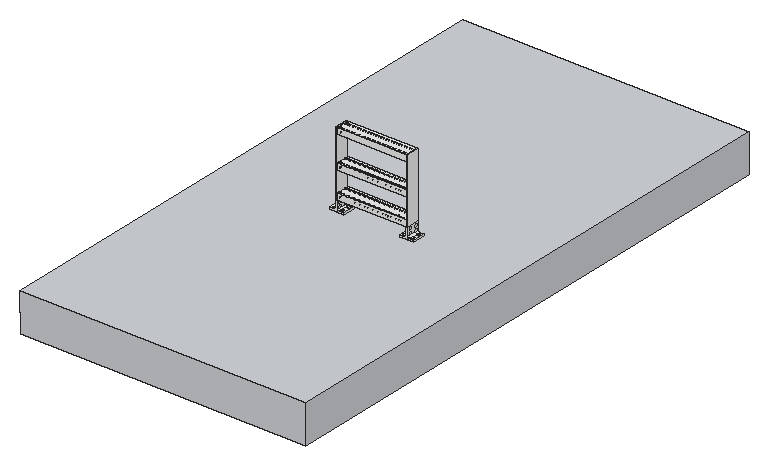
Revit family
Parameters (values of type "24" Projection")
  Warranty = "http://www.alllite-louvers.com/catalog/All-Lite-Warranty.pdf"
  URL = "http://www.alllite-louvers.com"
  Support Height = Projection - 5" + 1 1/32"  # 20 1/32"
  Strut/Shroud = Extruded Aluminum
  Strut = no
  Specifications = "http://www.alllite-louvers.com/catalog/ssr-445-csi-specification.doc"
  SmartBIM Object Version = 3  # constant formula
  SmartBIM Object Created By = "Reed Construction Data"  # constant formula
  Shroud = no
  Projection = 24"
  Product URL = "http://www.alllite-louvers.com/catalog.php?model=SSR-445"
  Outrigger Spacing = 24"
  Outrigger Material = Extruded Aluminum
  Outrigger = "4” high x 0.250” thick plate with flat front."  # constant formula
  Mounting Bracket = "Exposed."  # constant formula
  Model Number = "SSR-445"  # constant formula
  Model = ""
  Minimum Size = "12\""
  Maximum Size - Single Section = "96\""
  Maximum Size - Multiple Section = "Unlimited"  # constant formula
  Material = "Mill finish 6063-T5 extruded aluminum."  # constant formula
  Manufacturer = "All-Lite"  # constant formula
  Fascia Material = Extruded Aluminum
  Fascia = "4” x 2” x 0.125” thick rectangular tube."  # constant formula
  Exposed Mounting Bracket = yes
  Default Elevation = 48"
  Cut Sheet = "http://www.alllite-louvers.com/catalog/SSR445.pdf"
  Concealed Mounting Bracket = not(Exposed Mounting Bracket)  # no
  Blades = "0.125” thick rectangular tube style."  # constant formula
  Blade Material = Extruded Aluminum
  Assembly Code = "B2010400"
  A = 45.00°
  95 CSI = "10700"  # constant formula
  04 CSI = "10 71 13"  # constant formula
Types (5): name | Support Height | Projection | Outrigger Spacing
  24" Projection | 20 1/32" | 24" | 24"
  36" Projection | 32 1/32" | 36" | 36"
  42" Projection | 38 1/32" | 42" | 42"
  48" Projection | 44 1/32" | 48" | 48"
  60" Projection | 56 1/32" | 60" | 60"
Reference planes (in)
  plane 1 "Center (Front/Back)": y = 0
  plane 2: z = 0
  plane 3 "Center (Left/Right)": x = 36
  plane 4: z = 24
  plane 5: x = 24
  plane 6: x = 48
  plane 7: x = 47.75
  plane 8: z = 19
Forms (in)
  Extrusion 1, solid
    sketch origin (0, 0, 0) x (1, 0, 0) y (0, 1, 0)
      loop
        line (-11.05284, 94.58626) -> (-11.05284, -79.70833) -> (79.04536, -79.70833) -> (79.04536, 94.58626) -> (-11.05284, 94.58626)
    from 0 to -12
Dimensions and locks (in)
  equal spacing: plane 5, plane 3 "Center (Left/Right)", plane 6
  "Outrigger Spacing": plane 5 to plane 6
  "Projection": plane 4 to level
  locked: plane 6 to plane 7 at 0.25
  locked: plane 4 to plane 8 at 5
  aligned and locked: Extrusion 1 to plane 2
  aligned and locked: level to Extrusion 1
  aligned and locked: plane 3 "Center (Left/Right)" to nested 1
  aligned and locked: nested 1 to plane 1 "Center (Front/Back)"
Automatic sketch dimensions
  Extrusion 1 sketch curve to Extrusion 1 sketch curve = 90.0982"
  Extrusion 1 sketch curve to Extrusion 1 sketch curve = 174.29459"
Nested families (in)
  nested 1: "Outrigger-With-Blades" at (36, 0, 0) x (0, 1, 0) z (0, 0, 1), type "Outrigger-With-Blades"
    with Sturt no, Shroud no, Concealed Mounting Bracket no
Definition of nested family "Outrigger-With-Blades"
  Parameters (values of type "Outrigger-With-Blades")
    Support Height = Projection - 5" + 1 1/32"  # 20 1/32"
    Support = Extruded Aluminum
    Sturt = yes
    Shroud = yes
    Projection = 24"
    Outrigger Thickness = 1"
    Outrigger Spacing = 24"
    Outrigger Material = Extruded Aluminum
    Outrigger Hight = 4"
    Facia Material = Extruded Aluminum
    Exposed Mounting Bracket = yes
    Concealed Mounting Bracket = yes
    Blade Material = Extruded Aluminum
    Assembly Code = ""
    #Of Blades = (Projection / 7 205/256") - 1  # 2
  Reference planes (in)
    plane 1 "Center (Front/Back)": y = 0
    plane 2: z = 0
    plane 3 "Center (Left/Right)": x = 0
    plane 4: z = 24
    plane 5: y = 12
    plane 6: y = -12
    plane 7: y = 11
    plane 8: y = -11
    plane 9: z = 14
    plane 10: x = 2
    plane 11: z = 11.5
    plane 12: y = 11.25
    plane 13: y = -11
    plane 14: y = -11.25
    plane 15: z = 22
  Forms (in)
    Extrusion 1, solid, material "Extruded Aluminum" <- "Outrigger Material"
      sketch origin (-26.08204, 12, 48) x (-1, 0, 0) y (0, 0, 1)
        loop
          line (-26.08204, -24) -> (-30.08204, -24) -> (-30.08204, -44.5) -> (-26.08204, -44.5) -> (-26.08204, -24)
      from -1 to -0.75
    Extrusion 2, solid, material "Extruded Aluminum" <- "Outrigger Material"
      sketch origin (-26.08204, -12, 48) x (-1, 0, 0) y (0, 0, -1)
        loop
          line (-26.08204, 24) -> (-26.08204, 44.5) -> (-30.08204, 44.5) -> (-30.08204, 24) -> (-26.08204, 24)
      from -0.75 to -1
  Dimensions and locks (in)
    "Projection": plane 4 to level
    "Outrigger Hight": Extrusion 1 sketch curve to plane 3 "Center (Left/Right)"
    equal spacing: plane 6, plane 1 "Center (Front/Back)", plane 5
    "Outrigger Spacing": plane 6 to plane 5
    "Outrigger Thickness": plane 5 to plane 7
    "Outrigger Hight": Extrusion 2 sketch curve to plane 3 "Center (Left/Right)"
    "Outrigger Thickness": plane 6 to plane 8
    plane 3 "Center (Left/Right)" to plane 10 = 2"
    equal spacing: Extrusion 2, plane 10, Extrusion 2
    locked: plane 12 to plane 7 at 0.25
    locked: plane 14 to plane 13 at 0.25
    locked: plane 11 to nested 1 at 8
    group 1 to group 2 = 0"  (x2)
    group 1 to group 2 = 8 1/2"
    locked: plane 15 to plane 9 at 8
    locked: plane 4 to plane 9 at 10
    aligned and locked: Extrusion 1 sketch curve to plane 3 "Center (Left/Right)"
    aligned and locked: plane 3 "Center (Left/Right)" to Extrusion 2 sketch curve
    aligned and locked: nested 1 to plane 10
    aligned and locked: Extrusion 2 sketch curve to plane 4
    aligned and locked: plane 4 to Extrusion 1 sketch curve
    aligned and locked: plane 10 to nested 2
    aligned and locked: Extrusion 1 to plane 7
    aligned and locked: plane 12 to Extrusion 1
    aligned and locked: Extrusion 2 to plane 13
    aligned and locked: Extrusion 2 to plane 14
    aligned and locked: nested 2 to level
    aligned and locked: plane 7 to nested 2
    aligned and locked: plane 1 "Center (Front/Back)" to nested 1
    aligned and locked: level to nested 3
    aligned and locked: plane 13 to nested 3
    aligned and locked: nested 1 to Extrusion 2
    aligned and locked: plane 13 to plane 8
    aligned and locked: nested 5 to level
    aligned and locked: nested 5 to plane 3 "Center (Left/Right)"
    aligned and locked: plane 14 to nested 5
    aligned and locked: nested 6 to plane 12
    aligned and locked: level to nested 6
    aligned and locked: nested 6 to nested 5
    aligned and locked: nested 8 to nested 7
    aligned and locked: plane 12 to nested 8
    aligned and locked: plane 14 to nested 7
    aligned and locked: Extrusion 1 to nested 8
    aligned and locked: nested 7 to Extrusion 1
    aligned and locked: nested 8 to level
    aligned and locked: level to nested 7
    aligned and locked: plane 9 to nested 9
    aligned and locked: nested 9 to plane 10
    aligned and locked: plane 1 "Center (Front/Back)" to nested 9
    aligned and locked: plane 1 "Center (Front/Back)" to nested 4
    aligned and locked: plane 4 to nested 4
  Automatic sketch dimensions
    level to Extrusion 1 sketch curve = 3 1/2"
    Extrusion 2 sketch curve to level = 3 1/2"
  Nested families (in)
    nested 1: "Blade" at (0, 0, 3.5), type "Blade"
    nested 2: "Bracket" at (2, 11.08568, 0) x (0, -1, 0) z (0, 0, 1), type "Bracket"
    nested 3: "Bracket" at (2, -11.08568, 0) x (0, 1, 0) z (0, 0, 1), type "Bracket"
    nested 4: "Blade" at (0, 0, 22), type "Facia"
    nested 5: "Support" at (0.5, -11.87966, 0) x (0, -1, 0) z (0, 0, 1), type "Shroud Connection"
    nested 6: "Support" at (0.5, 11.87966, 0) x (0, 1, 0) z (0, 0, 1), type "Shroud Connection"
    nested 7: "Support" at (3.5, -11.75466, 0) x (0, -1, 0) z (0, 0, 1), type "Shroud Connection 2"
    nested 8: "Support" at (3.5, 11.87966, 0) x (0, 1, 0) z (0, 0, 1), type "Shroud Connection 2"
    nested 9: "Blade" at (0, 0, 12), type "Blade"
  Definition of nested family "Blade"
    Parameters (values of type "Blade")
      Outrigger Thickness = 1"
      Outrigger Spacing = 24"
      Blade Material = none
      Assembly Code = ""
    Reference planes (in)
      plane 1 "Center (Front/Back)": y = 0
      plane 2: z = 0
      plane 3 "Center (Left/Right)": x = 0
      plane 4: y = -12
      plane 5: y = 12
      plane 6: y = 11
      plane 7: y = -11
      plane 8: x = 4
      plane 9: x = 2
      plane 10: z = 1
      plane 11: z = 2
    Forms (in)
      Extrusion 1, solid, material <- "Blade Material"
        sketch origin (0, 0, 2) x (-0.707107, 0, -0.707107) y (0.707107, 0, -0.707107)
          loop
            line (-1.41421, 4.24264) -> (-2.82843, 2.82843) -> (0, 0) -> (1.41421, 1.41421) -> (-1.41421, 4.24264)
          loop
            line (-2.65165, 2.82843) -> (-2.25841, 2.43519)
            arc (-2.25841, 2.43519) -> (-2.24472, 2.63719) -> (-2.05854, 2.71675) r 0.19379
            arc (-2.05854, 2.71675) -> (-2.03858, 2.66249) -> (-2.0733, 2.61626) r 0.06047
            arc (-2.0733, 2.61626) -> (-2.17329, 2.55677) -> (-2.13547, 2.44674) r 0.09222
            arc (-2.13547, 2.44674) -> (-2.04102, 2.44491) -> (-1.9945, 2.52712) r 0.09222
            arc (-1.9945, 2.52712) -> (-1.94489, 2.57905) -> (-1.89297, 2.52944) r 0.05078
            arc (-1.89297, 2.52944) -> (-1.98446, 2.3604) -> (-2.17654, 2.35331) r 0.19379
            line (-2.17654, 2.35331) -> (-0.49064, 0.66742)
            arc (-0.49064, 0.66742) -> (-0.47696, 0.86942) -> (-0.29078, 0.94898) r 0.19379
            arc (-0.29078, 0.94898) -> (-0.27081, 0.89472) -> (-0.30553, 0.8485) r 0.06047
            arc (-0.30553, 0.8485) -> (-0.40552, 0.78901) -> (-0.3677, 0.67898) r 0.09222
            arc (-0.3677, 0.67898) -> (-0.27326, 0.67714) -> (-0.22674, 0.75936) r 0.09222
            arc (-0.22674, 0.75936) -> (-0.17713, 0.81128) -> (-0.1252, 0.76167) r 0.05078
            arc (-0.1252, 0.76167) -> (-0.21669, 0.59263) -> (-0.40877, 0.58555) r 0.19379
            line (-0.40877, 0.58555) -> (0, 0.17678) -> (1.23744, 1.41421) -> (0.82867, 1.82298)
            arc (0.82867, 1.82298) -> (0.82158, 1.63091) -> (0.65254, 1.53941) r 0.19379
            arc (0.65254, 1.53941) -> (0.60293, 1.59134) -> (0.65486, 1.64095) r 0.05078
            arc (0.65486, 1.64095) -> (0.73708, 1.68747) -> (0.73524, 1.78192) r 0.09222
            arc (0.73524, 1.78192) -> (0.62521, 1.81973) -> (0.56572, 1.71975) r 0.09222
            arc (0.56572, 1.71975) -> (0.51949, 1.68503) -> (0.46523, 1.70499) r 0.06047
            arc (0.46523, 1.70499) -> (0.54479, 1.89117) -> (0.74679, 1.90486) r 0.19379
            line (0.74679, 1.90486) -> (-0.9391, 3.59075)
            arc (-0.9391, 3.59075) -> (-0.94619, 3.39867) -> (-1.11522, 3.30718) r 0.19379
            arc (-1.11522, 3.30718) -> (-1.16483, 3.35911) -> (-1.11291, 3.40872) r 0.05078
            arc (-1.11291, 3.40872) -> (-1.03069, 3.45524) -> (-1.03253, 3.54968) r 0.09222
            arc (-1.03253, 3.54968) -> (-1.14256, 3.5875) -> (-1.20205, 3.48752) r 0.09222
            arc (-1.20205, 3.48752) -> (-1.24828, 3.45279) -> (-1.30253, 3.47276) r 0.06047
            arc (-1.30253, 3.47276) -> (-1.22298, 3.65894) -> (-1.02097, 3.67262) r 0.19379
            line (-1.02097, 3.67262) -> (-1.41421, 4.06586) -> (-2.65165, 2.82843)
        from -11 to 11
    Dimensions and locks (in)
      equal spacing: plane 4, plane 1 "Center (Front/Back)", plane 5
      "Outrigger Spacing": plane 5 to plane 4
      "Outrigger Thickness": plane 5 to plane 6
      "Outrigger Thickness": plane 4 to plane 7
      equal spacing: plane 11, plane 10, plane 2
      plane 11 to plane 2 = 2"
      equal spacing: plane 8, plane 9, plane 3 "Center (Left/Right)"
      plane 8 to plane 3 "Center (Left/Right)" = 4"
      aligned and locked: plane 7 to Extrusion 1
      aligned and locked: plane 6 to Extrusion 1
      aligned and locked: plane 8 to Extrusion 1
    Automatic sketch dimensions
      Extrusion 1 sketch curve to Extrusion 1 sketch curve = 0"  (x83)
      Extrusion 1 sketch curve to Extrusion 1 sketch curve = 0.47875"
      Extrusion 1 sketch curve to Extrusion 1 sketch curve = 13/256"  (x3)
      Extrusion 1 sketch curve to Extrusion 1 sketch curve = 0.06404"
      Extrusion 1 sketch curve to Extrusion 1 sketch curve = 0.01476"  (x2)
      Extrusion 1 sketch curve to Extrusion 1 sketch curve = 0.0134"
      Extrusion 1 sketch curve to Extrusion 1 sketch curve = 0.03987"  (x2)
      Extrusion 1 sketch curve to Extrusion 1 sketch curve = 0.04877"  (x2)
      Extrusion 1 sketch curve to Extrusion 1 sketch curve = 0.04107"  (x2)
      Extrusion 1 sketch curve to Extrusion 1 sketch curve = 0.08187"  (x4)
      Extrusion 1 sketch curve to Extrusion 1 sketch curve = 0.39324"
      Extrusion 1 sketch curve to Extrusion 1 sketch curve = 0.17678"  (x3)
      Extrusion 1 sketch curve to Extrusion 1 sketch curve = 0.11168"
      Extrusion 1 sketch curve to Extrusion 1 sketch curve = 0.04547"  (x2)
      Extrusion 1 sketch curve to Extrusion 1 sketch curve = 0.05501"  (x2)
      Extrusion 1 sketch curve to Extrusion 1 sketch curve = 0.08683"  (x2)
      Extrusion 1 sketch curve to Extrusion 1 sketch curve = 0.00116"  (x2)
      Extrusion 1 sketch curve to Extrusion 1 sketch curve = 0.0021"
      Extrusion 1 sketch curve to Extrusion 1 sketch curve = 0.07828"  (x2)
      Extrusion 1 sketch curve to Extrusion 1 sketch curve = 0.01156"  (x2)
      Extrusion 1 sketch curve to Extrusion 1 sketch curve = 0.09343"  (x4)
      Extrusion 1 sketch curve to Extrusion 1 sketch curve = 1 103/256"
      Extrusion 1 sketch curve to Extrusion 1 sketch curve = 0.03706"
      Extrusion 1 sketch curve to Extrusion 1 sketch curve = 0.02511"
      Extrusion 1 sketch curve to Extrusion 1 sketch curve = 0.0922"
      Extrusion 1 sketch curve to Extrusion 1 sketch curve = 0.40877"  (x2)
      Extrusion 1 sketch curve to Extrusion 1 sketch curve = 0.94898"
      Extrusion 1 sketch curve to Extrusion 1 sketch curve = 0.09124"
      Extrusion 1 sketch curve to Extrusion 1 sketch curve = 0.28357"
      Extrusion 1 sketch curve to Extrusion 1 sketch curve = 0.47511"
      Extrusion 1 sketch curve to Extrusion 1 sketch curve = 0.36544"
      Extrusion 1 sketch curve to level = 0"  (x2)
      Extrusion 1 sketch curve to plane 3 "Center (Left/Right)" = 0"
  Definition of nested family "Bracket"
    Parameters
      Mounting Bracket = Extruded Aluminum
      Exposed Mounting Bracket = yes
      Concealed Mounting Bracket = yes
    Reference planes (in)
      plane 1 "Center (Front/Back)": y = 0
      plane 2: z = 0
      plane 3 "Center (Left/Right)": x = 0
      plane 4: x = 0.25
      plane 5: x = -0.25
      plane 6: y = 2
      plane 7: y = -2
      plane 8: x = 0.08568
    Forms (in)
      Extrusion 1, solid, material "Extruded Aluminum" <- "Mounting Bracket", visible <- "Exposed Mounting Bracket"
        sketch origin (0, -3, 0) x (1, 0, 0) y (0, 0, -1)
          loop
            line (2.25, 0) -> (-2.25, 0) -> (-2.25, -0.5) -> (-0.00282, -0.5) -> (2.25, -0.5) -> (2.25, 0)
        from 1 to 5
      Extrusion 2, solid, material "Extruded Aluminum" <- "Mounting Bracket", visible <- "Exposed Mounting Bracket"
        sketch origin (0, -3.34375, 0) x (0, 0, -1) y (0, 1, 0)
          loop
            line (-3.01381, 1.7982) -> (-2.54571, 1.7982) -> (-2.31166, 2.20359) -> (-2.54571, 2.60898) -> (-3.01381, 2.60898) -> (-3.24786, 2.20359) -> (-3.01381, 1.7982)
          loop
            line (-1.59929, 1.7982) -> (-1.13119, 1.7982) -> (-0.89714, 2.20359) -> (-1.13119, 2.60898) -> (-1.59929, 2.60898) -> (-1.83334, 2.20359) -> (-1.59929, 1.7982)
          loop
            line (-3.01381, 4.00546) -> (-2.54571, 4.00546) -> (-2.31166, 4.41085) -> (-2.54571, 4.81624) -> (-3.01381, 4.81624) -> (-3.24786, 4.41085) -> (-3.01381, 4.00546)
          loop
            line (-1.59929, 4.00546) -> (-1.13119, 4.00546) -> (-0.89714, 4.41085) -> (-1.13119, 4.81624) -> (-1.59929, 4.81624) -> (-1.83334, 4.41085) -> (-1.59929, 4.00546)
        from 0.25 to 0.30086
      Extrusion 3, solid, material "Extruded Aluminum" <- "Mounting Bracket", visible <- "Exposed Mounting Bracket"
        sketch origin (0, -3.34375, 0) x (0, 0, -1) y (0, -1, 0)
          loop
            line (-3.01381, -1.7982) -> (-3.24786, -2.20359) -> (-3.01381, -2.60898) -> (-2.54571, -2.60898) -> (-2.31166, -2.20359) -> (-2.54571, -1.7982) -> (-3.01381, -1.7982)
          loop
            line (-1.59929, -1.7982) -> (-1.83334, -2.20359) -> (-1.59929, -2.60898) -> (-1.13119, -2.60898) -> (-0.89714, -2.20359) -> (-1.13119, -1.7982) -> (-1.59929, -1.7982)
          loop
            line (-3.01381, -4.00546) -> (-3.24786, -4.41085) -> (-3.01381, -4.81624) -> (-2.54571, -4.81624) -> (-2.31166, -4.41085) -> (-2.54571, -4.00546) -> (-3.01381, -4.00546)
          loop
            line (-1.59929, -4.00546) -> (-1.83334, -4.41085) -> (-1.59929, -4.81624) -> (-1.13119, -4.81624) -> (-0.89714, -4.41085) -> (-1.13119, -4.00546) -> (-1.59929, -4.00546)
        from 0.25 to 0.28853
      Extrusion 4, solid, material "Extruded Aluminum" <- "Mounting Bracket", visible <- "Exposed Mounting Bracket"
        sketch origin (-4.22137, -3.34375, 0.875) x (-1, 0, 0) y (0, -1, 0)
          loop
            line (-3.20131, -1.6325) -> (-3.43536, -2.03789) -> (-3.20131, -2.44328) -> (-2.73321, -2.44328) -> (-2.49916, -2.03789) -> (-2.73321, -1.6325) -> (-3.20131, -1.6325)
          loop
            line (-3.20131, -4.00017) -> (-3.43536, -4.40556) -> (-3.20131, -4.81094) -> (-2.73321, -4.81094) -> (-2.49916, -4.40556) -> (-2.73321, -4.00017) -> (-3.20131, -4.00017)
        from -0.375 to -0.32394
      Extrusion 5, solid, material "Extruded Aluminum" <- "Mounting Bracket", visible <- "Exposed Mounting Bracket"
        sketch origin (4.22137, -3.34375, 0.875) x (1, 0, 0) y (0, 1, 0)
          loop
            line (-3.20131, 1.6325) -> (-2.73321, 1.6325) -> (-2.49916, 2.03789) -> (-2.73321, 2.44328) -> (-3.20131, 2.44328) -> (-3.43536, 2.03789) -> (-3.20131, 1.6325)
          loop
            line (-3.20131, 4.01567) -> (-2.73321, 4.01567) -> (-2.49916, 4.42105) -> (-2.73321, 4.82644) -> (-3.20131, 4.82644) -> (-3.43536, 4.42105) -> (-3.20131, 4.01567)
        from -0.375 to -0.32394
      Extrusion 6, solid, material "Extruded Aluminum" <- "Mounting Bracket", visible <- "Exposed Mounting Bracket"
        sketch origin (0, 2, 0) x (1, 0, 0) y (0, 0, -1)
          loop
            line (0.25202, -3.5) -> (0.25202, -1)
            arc (0.25202, -1) -> (0.39847, -0.64645) -> (0.75202, -0.5) r 0.5
            line (0.75202, -0.5) -> (-0.74798, -0.5)
            arc (-0.74798, -0.5) -> (-0.39443, -0.64645) -> (-0.24798, -1) r 0.5
            line (-0.24798, -1) -> (-0.24798, -3.5) -> (0.25202, -3.5)
        from -4 to 0
      Extrusion 7, solid, material "Extruded Aluminum" <- "Mounting Bracket", visible <- "Concealed Mounting Bracket"
        sketch origin (0, -2, 0) x (-1, 0, 0) y (0, 0, -1)
          loop
            line (-0.25202, -3.5) -> (0.24798, -3.5) -> (0.24798, 0) -> (-0.25202, 0) -> (-0.25202, -3.5)
        from -4 to 0
      Extrusion 8, solid, material "Extruded Aluminum" <- "Mounting Bracket", visible <- "Concealed Mounting Bracket"
        sketch origin (0, -3.36054, -0.0229) x (0, 0, -1) y (0, 1, 0)
          loop
            line (-3.01381, 1.7982) -> (-2.54571, 1.7982) -> (-2.31166, 2.20359) -> (-2.54571, 2.60898) -> (-3.01381, 2.60898) -> (-3.24786, 2.20359) -> (-3.01381, 1.7982)
          loop
            line (-1.59929, 1.7982) -> (-1.13119, 1.7982) -> (-0.89714, 2.20359) -> (-1.13119, 2.60898) -> (-1.59929, 2.60898) -> (-1.83334, 2.20359) -> (-1.59929, 1.7982)
          loop
            line (-3.01381, 4.00546) -> (-2.54571, 4.00546) -> (-2.31166, 4.41085) -> (-2.54571, 4.81624) -> (-3.01381, 4.81624) -> (-3.24786, 4.41085) -> (-3.01381, 4.00546)
          loop
            line (-1.59929, 4.00546) -> (-1.13119, 4.00546) -> (-0.89714, 4.41085) -> (-1.13119, 4.81624) -> (-1.59929, 4.81624) -> (-1.83334, 4.41085) -> (-1.59929, 4.00546)
        from 0.25 to 0.30086
      Extrusion 9, solid, material "Extruded Aluminum" <- "Mounting Bracket", visible <- "Concealed Mounting Bracket"
        sketch origin (0, -3.34547, -0.02596) x (0, 0, -1) y (0, -1, 0)
          loop
            line (-3.01381, -1.7982) -> (-3.24786, -2.20359) -> (-3.01381, -2.60898) -> (-2.54571, -2.60898) -> (-2.31166, -2.20359) -> (-2.54571, -1.7982) -> (-3.01381, -1.7982)
          loop
            line (-1.59929, -1.7982) -> (-1.83334, -2.20359) -> (-1.59929, -2.60898) -> (-1.13119, -2.60898) -> (-0.89714, -2.20359) -> (-1.13119, -1.7982) -> (-1.59929, -1.7982)
          loop
            line (-3.01381, -4.00546) -> (-3.24786, -4.41085) -> (-3.01381, -4.81624) -> (-2.54571, -4.81624) -> (-2.31166, -4.41085) -> (-2.54571, -4.00546) -> (-3.01381, -4.00546)
          loop
            line (-1.59929, -4.00546) -> (-1.83334, -4.41085) -> (-1.59929, -4.81624) -> (-1.13119, -4.81624) -> (-0.89714, -4.41085) -> (-1.13119, -4.00546) -> (-1.59929, -4.00546)
        from 0.25 to 0.28853
    Cuts and joins
      joined: Extrusion 1, Extrusion 6
    Dimensions and locks (in)
      equal spacing: plane 6, plane 1 "Center (Front/Back)", plane 7
      plane 6 to plane 7 = 4"
      aligned and locked: Extrusion 4 to Extrusion 1
      aligned and locked: Extrusion 5 to Extrusion 1
      aligned and locked: Extrusion 1 to plane 7
      aligned and locked: Extrusion 1 to plane 6
      aligned and locked: Extrusion 1 to Extrusion 6
      aligned and locked: Extrusion 6 to Extrusion 1
      aligned and locked: Extrusion 7 to Extrusion 1
      aligned and locked: Extrusion 1 to Extrusion 7
    Automatic sketch dimensions
      Extrusion 1 sketch curve to level = 0"
      plane 5 to Extrusion 1 sketch curve = 0.24718"
      level to Extrusion 1 sketch curve = 1/2"
      Extrusion 1 sketch curve to Extrusion 1 sketch curve = 2.25282"
      plane 7 to Extrusion 3 sketch curve = 0.85984"  (x4)
      level to Extrusion 3 sketch curve = 3.24786"  (x2)
      plane 6 to Extrusion 3 sketch curve = 0.9329"  (x4)
      plane 6 to Extrusion 3 sketch curve = 1.33829"
      Extrusion 3 sketch curve to Extrusion 3 sketch curve = 0.23405"  (x12)
      plane 6 to Extrusion 3 sketch curve = 0.52751"  (x2)
      plane 7 to Extrusion 3 sketch curve = 0.45445"  (x2)
      Extrusion 3 sketch curve to Extrusion 3 sketch curve = 0.4681"  (x8)
      plane 7 to Extrusion 3 sketch curve = 1.26523"
      Extrusion 3 sketch curve to Extrusion 3 sketch curve = 0.47831"  (x2)
      Extrusion 3 sketch curve to Extrusion 3 sketch curve = 0.40539"  (x2)
      Extrusion 4 sketch curve to plane 5 = 0.53601"  (x2)
      plane 6 to Extrusion 4 sketch curve = 0.53281"
      Extrusion 4 sketch curve to Extrusion 4 sketch curve = 0.23405"  (x6)
      plane 7 to Extrusion 4 sketch curve = 0.28875"
      Extrusion 4 sketch curve to Extrusion 4 sketch curve = 0.4681"  (x4)
      plane 6 to Extrusion 4 sketch curve = 0.93819"  (x2)
      plane 7 to Extrusion 4 sketch curve = 0.69414"  (x2)
      Extrusion 4 sketch curve to Extrusion 4 sketch curve = 0.40539"  (x2)
      Extrusion 5 sketch curve to plane 4 = 0.53601"  (x2)
      plane 6 to Extrusion 5 sketch curve = 0.51731"
      Extrusion 5 sketch curve to Extrusion 5 sketch curve = 0.23405"  (x6)
      plane 7 to Extrusion 5 sketch curve = 0.28875"
      Extrusion 5 sketch curve to Extrusion 5 sketch curve = 0.4681"  (x4)
      plane 6 to Extrusion 5 sketch curve = 0.9227"  (x2)
      plane 7 to Extrusion 5 sketch curve = 0.69414"  (x2)
      Extrusion 5 sketch curve to Extrusion 5 sketch curve = 0.40539"
      plane 6 to Extrusion 5 sketch curve = 1.32808"
      plane 7 to Extrusion 2 sketch curve = 0.85984"  (x3)
      level to Extrusion 2 sketch curve = 3.24786"
      plane 6 to Extrusion 2 sketch curve = 0.9329"  (x4)
      Extrusion 2 sketch curve to Extrusion 2 sketch curve = 0"
      plane 6 to Extrusion 2 sketch curve = 1.33829"
      Extrusion 2 sketch curve to Extrusion 2 sketch curve = 0.23405"  (x12)
      plane 6 to Extrusion 2 sketch curve = 0.52751"  (x2)
      Extrusion 2 sketch curve to Extrusion 2 sketch curve = 0.4681"  (x8)
      plane 1 "Center (Front/Back)" to Extrusion 2 sketch curve = 0.73477"
      Extrusion 2 sketch curve to Extrusion 2 sketch curve = 0.47831"  (x2)
      plane 7 to Extrusion 2 sketch curve = 0.45445"  (x2)
      Extrusion 2 sketch curve to Extrusion 2 sketch curve = 0.40539"  (x3)
      Extrusion 1 sketch curve to plane 5 = 2"
      Extrusion 6 sketch curve to Extrusion 1 = 0"
      Extrusion 6 sketch curve to Extrusion 1 = 1.50202"
      Extrusion 6 sketch curve to Extrusion 1 = 2.00202"
      Extrusion 6 sketch curve to Extrusion 6 sketch curve = 1/2"  (x2)
      Extrusion 6 sketch curve to Extrusion 6 sketch curve = 2 1/2"
      Extrusion 7 sketch curve to Extrusion 6 = 0"  (x2)
      Extrusion 6 to Extrusion 7 sketch curve = 0"
      Extrusion 6 to Extrusion 7 sketch curve = 1/2"
      plane 7 to Extrusion 8 sketch curve = 0.84305"  (x4)
      level to Extrusion 8 sketch curve = 3.22496"
      plane 6 to Extrusion 8 sketch curve = 0.94969"  (x4)
      Extrusion 8 sketch curve to Extrusion 8 sketch curve = 0"
      Extrusion 8 sketch curve to plane 1 "Center (Front/Back)" = 0.64492"
      Extrusion 8 sketch curve to Extrusion 8 sketch curve = 0.23405"  (x12)
      Extrusion 8 sketch curve to Extrusion 8 sketch curve = 0.4681"  (x8)
      plane 1 "Center (Front/Back)" to Extrusion 8 sketch curve = 0.75156"  (x2)
      Extrusion 8 sketch curve to Extrusion 8 sketch curve = 0.47831"  (x2)
      plane 6 to Extrusion 8 sketch curve = 0.5443"
      Extrusion 8 sketch curve to Extrusion 8 sketch curve = 0.40539"  (x4)
      plane 7 to Extrusion 9 sketch curve = 0.85812"  (x4)
      level to Extrusion 9 sketch curve = 3.2219"
      plane 6 to Extrusion 9 sketch curve = 0.93462"  (x4)
      Extrusion 9 sketch curve to Extrusion 9 sketch curve = 0"
      Extrusion 9 sketch curve to plane 1 "Center (Front/Back)" = 0.65999"
      Extrusion 9 sketch curve to Extrusion 9 sketch curve = 0.23405"  (x12)
      Extrusion 9 sketch curve to Extrusion 9 sketch curve = 0.4681"  (x8)
      plane 1 "Center (Front/Back)" to Extrusion 9 sketch curve = 0.73649"  (x2)
      Extrusion 9 sketch curve to Extrusion 9 sketch curve = 0.47831"  (x2)
      plane 6 to Extrusion 9 sketch curve = 0.52924"
      Extrusion 9 sketch curve to Extrusion 9 sketch curve = 0.40539"  (x2)
      plane 7 to Extrusion 9 sketch curve = 0.45273"  (x2)
  Definition of nested family "Support"
    Parameters (values of type "Shroud Connection")
      Support = Extruded Aluminum
      Sturt/Shroud = yes
      Height = 20 1/32"
      Assembly Code = ""
      A = 45.00°
    Types (2): name
      Shroud Connection
      Strut Connection
    Reference planes (in)
      plane 1 "Center (Front/Back)": y = 0
      plane 2: z = 0
      plane 3 "Center (Left/Right)": x = 0
      plane 4: z = 20.03125
      plane 5: x = -0.50466
      plane 6: x = -0.62966
      plane 7: y = -0.5
    Forms (in)
      Extrusion 1, solid, material "Extruded Aluminum" <- "Support", visible <- "Sturt/Shroud"
        sketch origin (0, 0, 20.03125) x (0, -0.707107, -0.707107) y (0, 0.707107, -0.707107)
          loop
            line (26.7607, 1.39128) -> (28.21923, -0.06725) -> (28.35842, -0.02996) -> (26.84894, 1.47953) -> (26.7607, 1.39128)
        from -1.48806 to 0.27601
      Extrusion 2, solid, material "Extruded Aluminum" <- "Support", visible <- "Sturt/Shroud"
        sketch origin (0, -12.00474, 20.03125) x (0, -0.707107, -0.707107) y (0, 0.707107, -0.707107)
          loop
            line (18.27541, 9.87656) -> (17.35522, 8.95637) -> (17.35522, 8.08532) -> (17.79677, 7.71752) -> (19.7306, 8.42138) -> (18.27541, 9.87656)
        from -0.62966 to -0.50466
      Revolve 3, solid, material "Extruded Aluminum" <- "Support", visible <- "Sturt/Shroud"
        sketch origin (-0.57205, 0, 36) x (0, -0.707107, -0.707107) y (0, 0.707107, -0.707107)
          loop
            line (37.13546, 10.8883) -> (37.0901, 11.29161) -> (13.8351, 11.29161) -> (13.8351, 10.8883) -> (15.78974, 10.8883) -> (15.82915, 10.92771) -> (15.98297, 10.92771) -> (15.98297, 11.08153) -> (17.63657, 11.08153) -> (17.63657, 10.94864) -> (33.36237, 10.94864) -> (33.36237, 11.08153) -> (35.01597, 11.08153) -> (35.01597, 10.92771) -> (35.1698, 10.92771) -> (35.20921, 10.8883) -> (37.13546, 10.8883)
          axis (13.8351, 11.29161) -> (37.13546, 11.29161)
        angle from 0 to 360
      Extrusion 4, solid, material "Extruded Aluminum" <- "Support", visible <- "Sturt/Shroud"
        sketch origin (0, 0, 20.03125) x (0, -0.707107, -0.707107) y (0, 0.707107, -0.707107)
          loop
            line (25.84385, 0.40331) -> (25.84385, -0.40331) -> (26.36176, -0.40331)
            arc (26.36176, -0.40331) -> (26.76507, 0) -> (26.36176, 0.40331) r 0.40331
            line (26.36176, 0.40331) -> (25.84385, 0.40331)
          loop
            circle (26.24247, 0) r 0.25
        from -0.50466 to -0.39838
      Extrusion 5, solid, material "Extruded Aluminum" <- "Support", visible <- "Sturt/Shroud"
        sketch origin (0, 0, 20.03125) x (0, -0.707107, -0.707107) y (0, 0.707107, -0.707107)
          loop
            line (25.84385, 0.40331) -> (25.84385, -0.40331) -> (26.36176, -0.40331)
            arc (26.36176, -0.40331) -> (26.76507, 0) -> (26.36176, 0.40331) r 0.40331
            line (26.36176, 0.40331) -> (25.84385, 0.40331)
          loop
            circle (26.24247, 0) r 0.25
        from -0.72204 to -0.62966
      Extrusion 6, solid, material "Extruded Aluminum" <- "Support", visible <- "Sturt/Shroud"
        sketch origin (0, 0, 20.03125) x (0, -0.707107, -0.707107) y (0, 0.707107, -0.707107)
          loop
            line (2.54349, 0.40331) -> (2.02558, 0.40331)
            arc (2.02558, 0.40331) -> (1.62227, 0) -> (2.02558, -0.40331) r 0.40331
            line (2.02558, -0.40331) -> (2.54349, -0.40331) -> (2.54349, 0.40331)
          loop
            circle (2.18595, 0) r 0.24295
        from -0.50466 to -0.39838
      Extrusion 7, solid, material "Extruded Aluminum" <- "Support", visible <- "Sturt/Shroud"
        sketch origin (0, 0, 20.03125) x (0, -0.707107, -0.707107) y (0, 0.707107, -0.707107)
          loop
            line (2.54349, 0.40331) -> (2.02558, 0.40331)
            arc (2.02558, 0.40331) -> (1.62227, 0) -> (2.02558, -0.40331) r 0.40331
            line (2.02558, -0.40331) -> (2.54349, -0.40331) -> (2.54349, 0.40331)
          loop
            circle (2.18595, 0) r 0.24295
        from -0.72204 to -0.62966
      Extrusion 8, solid, material "Extruded Aluminum" <- "Support", visible <- "Sturt/Shroud"
        sketch origin (0, 0, 20.03125) x (0, -0.707107, -0.707107) y (0, 0.707107, -0.707107)
          loop
            line (2.71645, 0.23035) -> (-0.63849, 3.5853) -> (-1.47671, 2.74707) -> (1.87823, -0.60787)
            arc (1.87823, -0.60787) -> (2.71645, -0.60787) -> (2.71645, 0.23035) r 0.59271
          loop
            circle (2.18595, 0) r 0.24295
          loop
            circle (1.09297, 1.09297) r 0.24295
          loop
            circle (0, 2.18595) r 0.24295
        from -0.62966 to -0.50466
    Cuts and joins
      joined: Extrusion 1, Extrusion 2
      joined: Extrusion 6, Extrusion 8
    Lines and regions (in)
      reference lines
        curve 1: line (0, 0, 20.03125) -> (0, -20.03125, 0)
    Dimensions and locks (in)
      "Height": level to plane 4
      "A": angle plane 1 "Center (Front/Back)" to curve 1
      aligned and locked: plane 4 to curve 1
      aligned and locked: plane 1 "Center (Front/Back)" to curve 1
      aligned and locked: level to curve 1
    Automatic sketch dimensions
      Extrusion 1 sketch curve to curve 1 = 1.56777"
      Extrusion 1 sketch curve to Extrusion 1 sketch curve = 0.08824"
      Extrusion 1 sketch curve to curve 1 = 0.10923"
      curve 1 to Extrusion 1 sketch curve = 0.02996"  (x2)
      curve 1 to Extrusion 1 sketch curve = 0.06725"
      Extrusion 2 sketch curve to curve 1 = 0.46774"
      Extrusion 2 sketch curve to curve 1 = 2.48462"
      curve 1 to Extrusion 2 sketch curve = 0.77111"
      Extrusion 2 sketch curve to Extrusion 2 sketch curve = 0.44155"
      Extrusion 2 sketch curve to Extrusion 2 sketch curve = 0.9202"
      Extrusion 2 sketch curve to curve 1 = 0.10923"
      curve 1 to Extrusion 2 sketch curve = 0.40331"
      curve 1 to Extrusion 2 sketch curve = 0.06725"
      Extrusion 4 sketch curve to curve 1 = 0"  (x2)
      Extrusion 4 sketch curve to curve 1 = 0.40331"
      Extrusion 4 sketch curve to curve 1 = 2.48462"
      Extrusion 4 sketch curve to Extrusion 4 sketch curve = 0.51791"
      Extrusion 6 sketch curve to curve 1 = 0"  (x2)
      Extrusion 6 sketch curve to curve 1 = 0.40331"
      curve 1 to Extrusion 6 sketch curve = 2.02558"
      Extrusion 6 sketch curve to Extrusion 6 sketch curve = 0.51791"
      Revolve 3 sketch curve to plane 1 "Center (Front/Back)" = 0"
      Revolve 3 sketch curve to plane 4 = 0"
      Revolve 3 sketch curve to level = 0"
      Revolve 3 sketch curve to Revolve 3 sketch curve = 2.54349"
      Revolve 3 sketch curve to Revolve 3 sketch curve = 1.95464"
      Revolve 3 sketch curve to Revolve 3 sketch curve = 0.03941"  (x2)
      Revolve 3 sketch curve to Revolve 3 sketch curve = 0.15382"  (x4)
      Revolve 3 sketch curve to Revolve 3 sketch curve = 1.6536"  (x2)
      Revolve 3 sketch curve to Revolve 3 sketch curve = 6.2577"
      Revolve 3 sketch curve to Revolve 3 sketch curve = 1.88089"
      Revolve 3 sketch curve to Revolve 3 sketch curve = 0.04536"
      Revolve 3 sketch curve to Revolve 3 sketch curve = 0"
      Revolve 3 sketch curve to Revolve 3 sketch curve = 0.21008"  (x2)
      Revolve 3 sketch curve to Revolve 3 sketch curve = 0.13289"
      Revolve 3 sketch curve to Revolve 3 sketch curve = 0.40331"  (x2)
      Extrusion 5 sketch curve to curve 1 = 0"  (x2)
      curve 1 to Extrusion 5 sketch curve = 0.40331"
      Extrusion 5 sketch curve to curve 1 = 2.48462"
      Extrusion 5 sketch curve to Extrusion 5 sketch curve = 0.39862"
      Extrusion 5 sketch curve to Extrusion 5 sketch curve = 0.11929"
      Extrusion 4 sketch curve to Extrusion 4 sketch curve = 0.36929"
      Extrusion 4 sketch curve to Extrusion 4 sketch curve = 0.11929"
      Extrusion 7 sketch curve to curve 1 = 0"  (x2)
      Extrusion 7 sketch curve to curve 1 = 0.40331"
      curve 1 to Extrusion 7 sketch curve = 2.02558"
      Extrusion 7 sketch curve to Extrusion 7 sketch curve = 0.16036"
      Extrusion 7 sketch curve to Extrusion 7 sketch curve = 0.51791"
      Extrusion 6 sketch curve to Extrusion 6 sketch curve = 0.08259"
      Extrusion 6 sketch curve to Extrusion 6 sketch curve = 0.16036"
      Extrusion 8 sketch curve to Extrusion 8 sketch curve = 0"  (x6)
      Extrusion 8 sketch curve to curve 1 = 0"  (x2)
      curve 1 to Extrusion 8 sketch curve = 2.18595"
      Extrusion 8 sketch curve to curve 1 = 0.24295"
      Extrusion 8 sketch curve to curve 1 = 0.63849"
      Extrusion 8 sketch curve to Extrusion 8 sketch curve = 0.83822"
      curve 1 to Extrusion 8 sketch curve = 0.85002"
      Extrusion 8 sketch curve to Extrusion 8 sketch curve = 0.24295"  (x2)
      curve 1 to Extrusion 8 sketch curve = 0.60787"
      Extrusion 8 sketch curve to Extrusion 8 sketch curve = 0.5423"
      Extrusion 8 sketch curve to Extrusion 8 sketch curve = 0.06477"
      curve 1 to Extrusion 8 sketch curve = 0.18876"
      Extrusion 8 sketch curve to Extrusion 8 sketch curve = 0.11139"
      Extrusion 8 sketch curve to curve 1 = 0.23035"
      Extrusion 8 sketch curve to curve 1 = 1.09297"
      radius of Extrusion 5 sketch curve = 1/4"
      radius of Extrusion 7 sketch curve = 0.24295"
